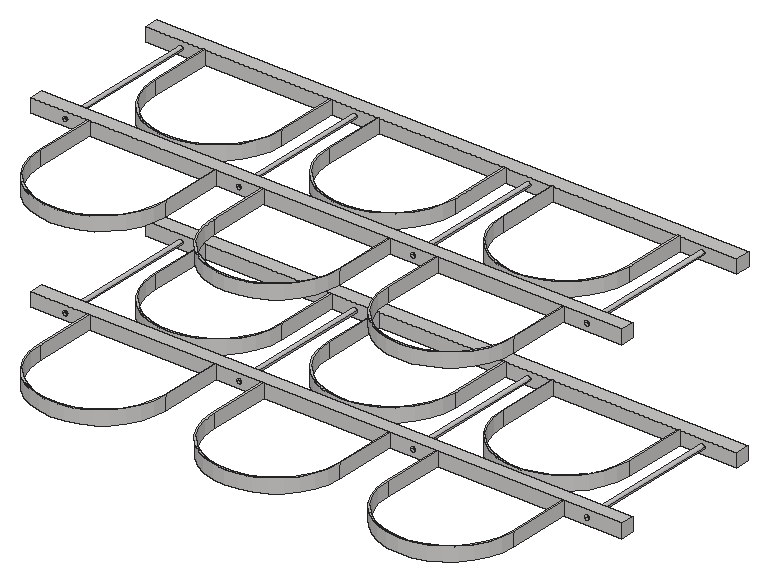
Revit family "Multi Container Bracket Assy-JCI_Sapphire_Plus-(70 bar) Novec1", category Specialty Equipment, Revit 2017
Family settings
  Round Connector Dimension = Use Diameter
  Part Type = Normal
  OmniClass Number = 23.29.33.13.11
  Work Plane-Based = Yes
  Always vertical = No
  Cut with Voids When Loaded = No
  Shared = No
  Room Calculation Point = No
Parameters (values of type "120-150 L x 6")
  Width = 47.60 mm
  Use Annotation Scale [instance] = 0
  URL = "http://www.sapphireplus.com"
  Type Comments = "311700008"
  Product Page URL = ""
  Product Documentation Link = ""
  Pipe Diameter = 12.70 mm
  Part Number = Model  # "311700008"
  Part Description = "Container Bracket Assembly-Sapphire Plus"  # constant formula
  Model Disclaimer = "For More Information Contact JOHNSON CONTROLS"  # constant formula
  Model = "311700008"
  Material = JCI - Metal - Brass - Satin
  Manufacturer = "Johnson Controls, Inc."  # constant formula
  Length = 47.60 mm
  Height = 41.00 mm
  Fire Suppression Agent = "3M™ Novec™ 1230 Fire Protection Fluid"  # constant formula
  Family Version = "1.0"  # constant formula
  Equipment Number = "XXX"  # constant formula
  Equipment Abbreviation = "MCB"  # constant formula
  Discharge Flow = 0 GPM
  Diameter = 47.60 mm
  Description = "Container Bracket Assembly-Sapphire Plus"  # constant formula
  Default Elevation = 0.00 mm
  Date Modified = "YYYY/MM/DD"  # constant formula
  Date Created = "2018/10/10"  # constant formula
  Copyright © = "Copyright © 2001-2018 Johnson Controls Inc."  # constant formula
  Container Bracket Assy Type = Container Bracket Assy-JCI_Sapphire_Plus-(70 bar) Novec1230 : 120-150 L x 6
Types (3, lengths in mm): name | Type Comments | Part Number | Model | Container Bracket Assy Type
  120-150 L x 4 | "311700007" | "311700007" | "311700007" | Container Bracket Assy-JCI_Sapphire_Plus-(70 bar) Novec1230 : 120-150 L x 4
  120-150 L x 6 | "311700008" | "311700008" | "311700008" | Container Bracket Assy-JCI_Sapphire_Plus-(70 bar) Novec1230 : 120-150 L x 6
  120-150 L x 8 | "311700009" | "311700009" | "311700009" | Container Bracket Assy-JCI_Sapphire_Plus-(70 bar) Novec1230 : 120-150 L x 8
Reference planes
  plane 1 "Center (Front/Back)": y = 0
  plane 2: z = 0
  plane 3 "Center (Left/Right)": x = 0
  plane 4 "Lower Brackets Mounting Height": z = 300
  plane 5 "Upper Brackets Mounting Height": z = 800
Dimensions and locks
  locked: plane 4 "Lower Brackets Mounting Height" to level at 300
  locked: plane 5 "Upper Brackets Mounting Height" to level at 800
  aligned and locked: level to plane 2
  aligned and locked: plane 3 "Center (Left/Right)" to nested 1
  aligned and locked: plane 1 "Center (Front/Back)" to nested 1
  aligned and locked: plane 3 "Center (Left/Right)" to nested 2
  aligned and locked: plane 1 "Center (Front/Back)" to nested 2
Nested families
  nested 1: "Container Bracket Assy-JCI_Sapphire_Plus-(70 bar) Novec1230" at (0, 0, 300), type <- "Container Bracket Assy Type", type "120-150 L x 6"
    with Use Annotation Scale 0
  nested 2: "Container Bracket Assy-JCI_Sapphire_Plus-(70 bar) Novec1230" at (0, 0, 800), type <- "Container Bracket Assy Type", type "120-150 L x 6"
    with Use Annotation Scale 0
Definition of nested family "Container Bracket Assy-JCI_Sapphire_Plus-(70 bar) Novec1230"
  Parameters (values of type "PESO 120-180 L x 8")
    Width = 47.60 mm
    Use Annotation Scale [instance] = 0
    URL = "http://www.sapphireplus.com"
    STRAPS ARRAY = 4
    Pipe Diameter = 12.70 mm
    Part Number = Model  # "311700012"
    Part Description = Description  # "Multi Container Bracket"
    Model Disclaimer = "For More Information Contact JOHNSON CONTROLS"  # constant formula
    Model = "311700012"
    Material = none
    Manufacturer = "Johnson Controls, Inc."  # constant formula
    Length = 47.60 mm
    Height = 41.00 mm
    Fire Suppression Agent = "3M™ Novec™ 1230 Fire Protection Fluid"  # constant formula
    Family Version = "1.0"  # constant formula
    Equipment Number = "XXX"  # constant formula
    Equipment Abbreviation = "MBA"  # constant formula
    Discharge Flow = 0 GPM
    Diameter = 47.60 mm
    Description = "Multi Container Bracket"  # constant formula
    Default Elevation = 0.00 mm
    Date Modified = "YYYY/MM/DD"  # constant formula
    Date Created = "2018/10/10"  # constant formula
    Copyright © = "Copyright © 2001-2018 Johnson Controls Inc."  # constant formula
    Container Size = 406.00 mm
    Channel Length = (STRAPS ARRAY * 500.00 mm) + 200.00 mm  # 2200.00 mm
    BARS ARRAY = STRAPS ARRAY + 1  # 5
    Bar Length = 460.00 mm
  Types (6, lengths in mm): name | STRAPS ARRAY | Part Number | Model | Container Size | Channel Length | BARS ARRAY | Bar Length
    120-150 L x 4 | 2 | "311700007" | "311700007" | 360.00 | 1200.00 | 3 | 415.00
    120-150 L x 6 | 3 | "311700008" | "311700008" | 360.00 | 1700.00 | 4 | 415.00
    120-150 L x 8 | 4 | "311700009" | "311700009" | 360.00 | 2200.00 | 5 | 415.00
    PESO 120-180 L x 8 | 4 | "311700012" | "311700012" | 406.00 | 2200.00 | 5 | 460.00
    PESO 120-180 L x 6 | 3 | "311700011" | "311700011" | 406.00 | 1700.00 | 4 | 460.00
    PESO 120-180 L x 4 | 2 | "311700010" | "311700010" | 406.00 | 1200.00 | 3 | 460.00
  Reference planes
    plane 1 "Center (Front/Back)": y = 0
    plane 2: z = 0
    plane 3 "Center (Left/Right)": x = 0
    plane 4 "Container Size Length": x = -203
    plane 5 "Container Size Width": y = -203
    plane 6 "Length": y = 203
    plane 7 "Container Size Length Offset": x = 203
    plane 8 "Channel Length": x = -350
    plane 9 "Bar Length": y = -257
    plane 10 "Channel Length Offset": x = 1850
    plane 11 "Channel Length Ref": x = -250
  Dimensions and locks
    equal spacing: plane 4 "Container Size Length", plane 3 "Center (Left/Right)", plane 7 "Container Size Length Offset"
    equal spacing: plane 5 "Container Size Width", plane 1 "Center (Front/Back)", plane 6 "Length"
    "Container Size": plane 4 "Container Size Length" to plane 7 "Container Size Length Offset"
    "Container Size": plane 5 "Container Size Width" to plane 6 "Length"
    locked: plane 8 "Channel Length" to plane 11 "Channel Length Ref" at 100
    "Bar Length": plane 9 "Bar Length" to plane 6 "Length"
    "Channel Length": plane 8 "Channel Length" to plane 10 "Channel Length Offset"
    locked: plane 11 "Channel Length Ref" to plane 3 "Center (Left/Right)" at 250
    equal spacing: group 1, group 2, group 8, group 11  (x3)
    locked: nested 3 to nested 4 at 500
    equal spacing: group 3, group 5, group 6, group 9, group 12  (x3)
    locked: nested 5 to nested 7 at 500
    equal spacing: group 4, group 7, group 10, group 13  (x3)
    locked: nested 6 to nested 9 at 500
    aligned and locked: level to plane 2
    aligned and locked: plane 8 "Channel Length" to nested 1
    aligned and locked: plane 6 "Length" to nested 1
    aligned and locked: plane 8 "Channel Length" to nested 2
    aligned and locked: nested 2 to plane 9 "Bar Length"
    aligned and locked: plane 1 "Center (Front/Back)" to nested 3
    aligned and locked: plane 3 "Center (Left/Right)" to nested 3
    aligned and locked: plane 11 "Channel Length Ref" to nested 5
    aligned and locked: plane 6 "Length" to nested 5  (x2)
    aligned and locked: plane 9 "Bar Length" to nested 6  (x2)
    aligned and locked: plane 3 "Center (Left/Right)" to nested 6
    aligned and locked: plane 6 "Length" to nested 7
    aligned and locked: nested 9 to plane 9 "Bar Length"
  Nested families
    nested 1: "Channel Slotted-JCI_Sapphire_Plus-(70 bar)Novec1230" at (-350, 203, 0), type "Channel Slotted-JCI_Sapphire_Plus-(70 bar)Novec1230"
      with Use Annotation Scale 0, Channel Length 2200.00 mm
    nested 2: "Channel Slotted-JCI_Sapphire_Plus-(70 bar)Novec1230" at (-350, -257, 0), type "Channel Slotted-JCI_Sapphire_Plus-(70 bar)Novec1230"
      with Use Annotation Scale 0, Channel Length 2200.00 mm
    nested 3: "Container Strap-JCI_Sapphire_Plus-(70 bar)Novec1230" at (0, 0, 0), type "Container Strap-JCI_Sapphire_Plus-(70 bar)Novec1230"
      with Use Annotation Scale 0, Container Size 406.00 mm
    nested 4: "Container Strap-JCI_Sapphire_Plus-(70 bar)Novec1230" at (500, 0, 0), type "Container Strap-JCI_Sapphire_Plus-(70 bar)Novec1230"
      with Use Annotation Scale 0, Container Size 406.00 mm
    nested 5: "Bar-JCI_Sapphire_Plus-(70 bar)Novec1230" at (-250, 203, 0), Bar Length <- "Bar Length", type "Bar-JCI_Sapphire_Plus-(70 bar)Novec1230"
      with Use Annotation Scale 0, Equipment Tag Number "", Bar Length 460.00 mm
    nested 6: "Container Strap-JCI_Sapphire_Plus-(70 bar)Novec1230" at (0, -460, 0), type "Container Strap-JCI_Sapphire_Plus-(70 bar)Novec1230"
      with Use Annotation Scale 0, Container Size 406.00 mm
    nested 7: "Bar-JCI_Sapphire_Plus-(70 bar)Novec1230" at (250, 203, 0), Bar Length <- "Bar Length", type "Bar-JCI_Sapphire_Plus-(70 bar)Novec1230"
      with Use Annotation Scale 0, Equipment Tag Number "", Bar Length 460.00 mm
    nested 8: "Bar-JCI_Sapphire_Plus-(70 bar)Novec1230" at (750, 203, 0), Bar Length <- "Bar Length", type "Bar-JCI_Sapphire_Plus-(70 bar)Novec1230"
      with Use Annotation Scale 0, Equipment Tag Number "", Bar Length 460.00 mm
    nested 9: "Container Strap-JCI_Sapphire_Plus-(70 bar)Novec1230" at (500, -460, 0), type "Container Strap-JCI_Sapphire_Plus-(70 bar)Novec1230"
      with Use Annotation Scale 0, Container Size 406.00 mm
    nested 10: "Container Strap-JCI_Sapphire_Plus-(70 bar)Novec1230" at (1000, 0, 0), type "Container Strap-JCI_Sapphire_Plus-(70 bar)Novec1230"
      with Use Annotation Scale 0, Container Size 406.00 mm
    nested 11: "Bar-JCI_Sapphire_Plus-(70 bar)Novec1230" at (1250, 203, 0), Bar Length <- "Bar Length", type "Bar-JCI_Sapphire_Plus-(70 bar)Novec1230"
      with Use Annotation Scale 0, Equipment Tag Number "", Bar Length 460.00 mm
    nested 12: "Container Strap-JCI_Sapphire_Plus-(70 bar)Novec1230" at (1000, -460, 0), type "Container Strap-JCI_Sapphire_Plus-(70 bar)Novec1230"
      with Use Annotation Scale 0, Container Size 406.00 mm
    nested 13: "Container Strap-JCI_Sapphire_Plus-(70 bar)Novec1230" at (1500, 0, 0), type "Container Strap-JCI_Sapphire_Plus-(70 bar)Novec1230"
      with Use Annotation Scale 0, Container Size 406.00 mm
    nested 14: "Bar-JCI_Sapphire_Plus-(70 bar)Novec1230" at (1750, 203, 0), Bar Length <- "Bar Length", type "Bar-JCI_Sapphire_Plus-(70 bar)Novec1230"
      with Use Annotation Scale 0, Equipment Tag Number "", Bar Length 460.00 mm
    nested 15: "Container Strap-JCI_Sapphire_Plus-(70 bar)Novec1230" at (1500, -460, 0), type "Container Strap-JCI_Sapphire_Plus-(70 bar)Novec1230"
      with Use Annotation Scale 0, Container Size 406.00 mm
  Definition of nested family "Channel Slotted-JCI_Sapphire_Plus-(70 bar)Novec1230"
    Parameters (values of type "Channel Slotted-JCI_Sapphire_Plus-(70 bar)Novec1230")
      Width = 47.60 mm
      Use Annotation Scale [instance] = 0
      URL = "http://www.sapphireplus.com"
      Product Page URL = "http://www.sapphireplus.com"
      Product Documentation Link = "http://www.sapphireplus.com"
      Pipe Diameter = 12.70 mm
      Part Number = if(Channel Length = 400.00 mm, "14267", if(Channel Length = 600.00 mm, "14269", "NA"))  # "14269"
      Part Description = "Channel Slotted"  # constant formula
      Model Disclaimer = "For More Information Contact JOHNSON CONTROLS"  # constant formula
      Model = Part Number  # "14269"
      Material = none
      Manufacturer = "Johnson Controls, Inc."  # constant formula
      Length = 47.60 mm
      Height = 41.00 mm
      Fire Suppression Agent = "3M™ Novec™ 1230 Fire Protection Fluid"  # constant formula
      Family Version = "1.0"  # constant formula
      Equipment Number = "XXX"  # constant formula
      Equipment Abbreviation = "CS"  # constant formula
      Discharge Flow = 0 GPM
      Diameter = 47.60 mm
      Description = "Channel Slotted"  # constant formula
      Default Elevation = 0.00 mm
      Date Modified = "YYYY/MM/DD"  # constant formula
      Date Created = "2018/10/10"  # constant formula
      Copyright © = "Copyright © 2001-2018 Johnson Controls Inc."  # constant formula
      Channel Length = 600.00 mm
    Reference planes
      plane 1 "Center (Front/Back)": y = 0
      plane 2: z = 0
      plane 3 "Center (Left/Right)": x = 0
      plane 4: y = 40
      plane 5 "Channel Length": x = 600
      plane 6 "Channel Length Top": z = 20
      plane 7 "Channel Length Bottom": z = -20
    Forms (mm)
      Extrusion 1, solid
        sketch origin (0, 0, 0) x (1, 0, 0) y (0, 1, 0)
          loop
            line (0, 0) -> (600, 0) -> (600, 40) -> (0, 40) -> (0, 0)
        from -20 to 20
    Dimensions and locks
      locked: plane 4 to plane 1 "Center (Front/Back)" at 40
      "Channel Length": plane 3 "Center (Left/Right)" to plane 5 "Channel Length"
      equal spacing: plane 6 "Channel Length Top", plane 2, plane 7 "Channel Length Bottom"
      locked: plane 6 "Channel Length Top" to plane 7 "Channel Length Bottom" at 40
      aligned and locked: level to plane 2
      aligned and locked: plane 1 "Center (Front/Back)" to Extrusion 1 sketch curve
      aligned and locked: Extrusion 1 sketch curve to plane 3 "Center (Left/Right)"
      aligned and locked: plane 4 to Extrusion 1 sketch curve
      aligned and locked: plane 5 "Channel Length" to Extrusion 1 sketch curve
      aligned and locked: plane 7 "Channel Length Bottom" to Extrusion 1
      aligned and locked: plane 6 "Channel Length Top" to Extrusion 1
  Definition of nested family "Container Strap-JCI_Sapphire_Plus-(70 bar)Novec1230"
    Parameters (values of type "Container Strap-JCI_Sapphire_Plus-(70 bar)Novec1230")
      Width = 47.60 mm
      Use Annotation Scale [instance] = 0
      URL = "http://www.sapphireplus.com"
      Product Page URL = "http://www.sapphireplus.com"
      Product Documentation Link = "http://www.sapphireplus.com"
      Pipe Diameter = 12.70 mm
      Part Number = ""
      Part Description = "Container Strap"  # constant formula
      Model Disclaimer = "For More Information Contact JOHNSON CONTROLS"  # constant formula
      Material = none
      Manufacturer = "Johnson Controls, Inc."  # constant formula
      Length = 47.60 mm
      Height = 41.00 mm
      Fire Suppression Agent = "3M™ Novec™ 1230 Fire Protection Fluid"  # constant formula
      Family Version = "1.0"  # constant formula
      Equipment Number = "XXX"  # constant formula
      Equipment Abbreviation = "CS"  # constant formula
      Discharge Flow = 0 GPM
      Diameter = 47.60 mm
      Description = "Container Strap"  # constant formula
      Default Elevation = 0.00 mm
      Date Modified = "YYYY/MM/DD"  # constant formula
      Date Created = "2018/10/10"  # constant formula
      Copyright © = "Copyright © 2001-2018 Johnson Controls Inc."  # constant formula
      Container Size = 360.00 mm
    Reference planes
      plane 1 "Center (Front/Back)": y = 0
      plane 2: z = 0
      plane 3 "Center (Left/Right)": x = 0
      plane 4 "Container Dia Left": x = -180
      plane 5 "Container Size Top": y = 180
      plane 6 "Container Size Bottom": y = -180
      plane 7 "Container Dia Right": x = 180
      plane 8 "Container Dia Offset": x = -184
      plane 9 "Strap Height Top": z = 20
      plane 10 "Strap Height Bottom": z = -20
    Forms (mm)
      Extrusion 1, solid
        sketch origin (0, 0, 0) x (1, 0, 0) y (0, 1, 0)
          loop
            line (-184, 180) -> (-184, 0)
            arc (-184, 0) -> (0, -184) -> (184, 0) r 184
            line (184, 0) -> (184, 180) -> (180, 180) -> (180, 0)
            arc (180, 0) -> (0, -180) -> (-180, 0) r 180
            line (-180, 0) -> (-180, 180) -> (-184, 180)
        from -20 to 20
    Dimensions and locks
      equal spacing: plane 4 "Container Dia Left", plane 3 "Center (Left/Right)", plane 7 "Container Dia Right"
      equal spacing: plane 6 "Container Size Bottom", plane 1 "Center (Front/Back)", plane 5 "Container Size Top"
      "Container Size": plane 4 "Container Dia Left" to plane 7 "Container Dia Right"
      "Container Size": plane 5 "Container Size Top" to plane 6 "Container Size Bottom"
      locked: plane 8 "Container Dia Offset" to plane 4 "Container Dia Left" at 4
      equal spacing: plane 9 "Strap Height Top", plane 2, plane 10 "Strap Height Bottom"
      locked: plane 9 "Strap Height Top" to plane 10 "Strap Height Bottom" at 40
      aligned and locked: level to plane 2
      aligned and locked: Extrusion 1 sketch curve to plane 5 "Container Size Top"
      aligned and locked: plane 5 "Container Size Top" to Extrusion 1 sketch curve
      aligned and locked: Extrusion 1 sketch curve to plane 7 "Container Dia Right"
      aligned and locked: Extrusion 1 sketch curve to plane 4 "Container Dia Left"
      aligned and locked: Extrusion 1 sketch curve to plane 8 "Container Dia Offset"
      aligned and locked: plane 10 "Strap Height Bottom" to Extrusion 1
      aligned and locked: plane 9 "Strap Height Top" to Extrusion 1
    Automatic sketch dimensions
      Extrusion 1 sketch curve to Extrusion 1 sketch curve = 0.00 mm  (x2)
      plane 1 "Center (Front/Back)" to Extrusion 1 sketch curve = 0.00 mm
  Definition of nested family "Bar-JCI_Sapphire_Plus-(70 bar)Novec1230"
    Parameters (values of type "Bar-JCI_Sapphire_Plus-(70 bar)Novec1230")
      Width = 47.60 mm
      Use Annotation Scale [instance] = 0
      URL = "http://www.sapphireplus.com"
      Pipe Diameter = 12.70 mm
      Material = none
      Manufacturer = "Johnson Controls, Inc."  # constant formula
      Length = 47.60 mm
      Height = 41.00 mm
      Family Version = "1.0"  # constant formula
      Equipment Tag Number [instance] = ""
      Equipment Tag = "DN"  # constant formula
      Discharge Flow = 0 GPM
      Diameter = 47.60 mm
      Description = "Bar"  # constant formula
      Default Elevation = 0.00 mm
      Copyright © = "Copyright © 2001-2018 Johnson Controls Inc."  # constant formula
      Bar Length [instance] = 420.00 mm
    Reference planes
      plane 1 "Center (Front/Back)": y = 0
      plane 2: z = 0
      plane 3 "Center (Left/Right)": x = 0
      plane 4: x = -6
      plane 5 "Bar Length": y = -420
    Forms (mm)
      Revolve 1, solid
        sketch origin (0, 0, 0) x (1, 0, 0) y (0, 1, 0)
          loop
            line (0, 0) -> (-6, 0) -> (-6, -420) -> (0, -420) -> (0, 0)
          axis (0, 0) -> (0, -420)
        angle from 0 to 360
    Dimensions and locks
      locked: plane 4 to plane 3 "Center (Left/Right)" at 6
      "Bar Length": plane 5 "Bar Length" to plane 1 "Center (Front/Back)"
      aligned and locked: level to plane 2
      aligned and locked: Revolve 1 sketch curve to plane 1 "Center (Front/Back)"
      aligned and locked: plane 3 "Center (Left/Right)" to Revolve 1 sketch curve
      aligned and locked: Revolve 1 sketch curve to plane 5 "Bar Length"
      aligned and locked: Revolve 1 sketch curve to plane 4
      aligned and locked: Revolve 1 sketch curve to plane 3 "Center (Left/Right)"
    Automatic sketch dimensions
      Revolve 1 sketch curve to plane 5 "Bar Length" = 1104.00 mm
      Revolve 1 sketch curve to Revolve 1 sketch curve = 1524.00 mm
